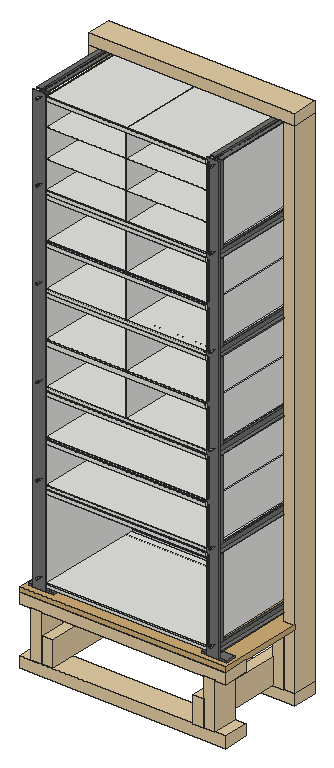
Revit family "Mailboxes_Aluminum-Data_Distribution_System-Salsbury_Industries-5_Unit_High_Wall_Installation", category Specialty Equipment, host Wall, Revit 2016 (continued)
Definition of nested family "Data Distribution Mailbox Units"
  Types (5): name | Void 2 Offset | Void 1 Offset | Visible | Top Inner Divider | Rear Overhang | Model | Horizontal Dividers 1 and 3 | Horizontal Dividers | Door Location D8 | Door Location D7 | Door Location D6 | Door Location D5 | Door Location D4 | Door Location D3 | Door Location D2 | Door Location D1 | Divider 3 | Description
    2402 | 0.000" | 0.000" | yes | no | yes | "2402" | no | yes | Data Distribution #1,2,3 Doors : #3 Door | Data Distribution #1,2,3 Doors : None | Data Distribution #1,2,3 Doors : #3 Door | Data Distribution #1,2,3 Doors : None | Data Distribution #1,2,3 Doors : None | Data Distribution #1,2,3 Doors : None | Data Distribution #1,2,3 Doors : None | Data Distribution #1,2,3 Doors : None | no | "Data Distribution System - (2) #3 Doors"
    None | 0.000" | 0.000" | no | no | no | "No Unit" | no | no | Data Distribution #1,2,3 Doors : #3 Door | Data Distribution #1,2,3 Doors : None | Data Distribution #1,2,3 Doors : #3 Door | Data Distribution #1,2,3 Doors : None | Data Distribution #1,2,3 Doors : None | Data Distribution #1,2,3 Doors : None | Data Distribution #1,2,3 Doors : None | Data Distribution #1,2,3 Doors : None | no | "Data Distribution System"
    2401 | 6.200" | 6.200" | yes | yes | yes | "2401" | no | no | Data Distribution #1,2,3 Doors : None | Data Distribution #1,2,3 Doors : None | Data Distribution #4 Door : #4 Door | Data Distribution #1,2,3 Doors : None | Data Distribution #1,2,3 Doors : None | Data Distribution #1,2,3 Doors : None | Data Distribution #1,2,3 Doors : None | Data Distribution #1,2,3 Doors : None | no | "Data Distribution System - (1) #4 Door"
    2406 | 6.200" | 6.200" | yes | no | yes | "2406" | yes | no | Data Distribution #1,2,3 Doors : None | Data Distribution #1,2,3 Doors : None | Data Distribution #1,2,3 Doors : #1 Door | Data Distribution #1,2,3 Doors : #1 Door | Data Distribution #1,2,3 Doors : #1 Door | Data Distribution #1,2,3 Doors : #1 Door | Data Distribution #1,2,3 Doors : #1 Door | Data Distribution #1,2,3 Doors : #1 Door | yes | "Data Distribution System - (6) #1 Doors"
  Reference planes (in)
    plane 1 "Center (Front/Back)": y = 0
    plane 2 "Bottom": z = 0
    plane 3 "Center (Left/Right)": x = 0
    plane 4 "Left": x = -11.625
    plane 5 "Right": x = 11.625
    plane 6 "Front": y = -7.75
    plane 7 "Back": y = 7.75
    plane 8 "Vertical Center": z = 6.094
    plane 9 "Top": z = 12.188
    plane 10: y = -7.625
    plane 11 "Door Align-Back of Door": y = -7.09375
    plane 12 "Back Edge of Top Trim": y = -6.21875
    plane 13 "Front Edge of Side Panels": y = -6.8125
    plane 14 "Back Edge of Side Panels": y = 7.625
    plane 15: y = -7.563
    plane 16: y = -7.063
    plane 17 "Back Edge of Bottom Trim": y = -6.1255
    plane 18: z = 0.125
    plane 19: z = 0.0625
    plane 20 "Bottom Trim Height": z = 0.25
    plane 21 "Top Trim Height": z = 11.8755
    plane 22: z = 12.03175
    plane 23: z = 12.063
    plane 24 "Right Side Trim Alignment-Top and Bottom Trim": x = 11.25
    plane 25 "Inner Right Side of Trim": x = 11.09375
    plane 26 "Right Wall of Enclsosure": x = 11.0625
    plane 27: y = -7.5
    plane 28: y = -7.375
    plane 29 "Back Edge of Side Trim": y = -6.3125
    plane 30 "Left Side Trim Alignment-Top and Bottom Trim": x = -11.25
    plane 31 "Trop Trim Extrusion Line": y = -7.53125
    plane 32 "Left Wall of Enclosure": x = -11.0935
    plane 33 "Top Inner Trim": z = 11.7505
    plane 34: z = -0.249
    plane 35: z = 0
    plane 36: x = -11.59375
    plane 37: x = 11.625
    plane 38 "Door Divider 3": x = 0.0005
    plane 39 "Void 1": z = 6.063
    plane 40 "Void 2 Offset": y = 13.825
    plane 41 "Bottom Compartment Section-Top Plate": z = 5.907
    plane 42 "Door Divider Offset Align": x = 11.09375
    plane 43 "Void 1 Offset": z = -0.137
    plane 44 "Void 2": y = 7.625
    plane 45 "Row 2 Divider": z = 6.188
    plane 46 "Vertical Center of Back Enclosure": z = 6.063
    plane 47 "Door Align - Row 3": z = 0.5
    plane 48 "Door Align - Row 2a": z = 6.438
    plane 49 "Vertical Door Align 6": x = 11.0625
    plane 50 "OffSet Divider Line": x = -11.0935
    plane 51 "Back of Doors": y = -7.2495
    plane 52 "Row 3 Divider": z = 4.188
    plane 53 "Door Align - Row 2": z = 4.438
    plane 54 "Row 1 Divider": z = 8.126
    plane 55 "Door Align - Row 1": z = 8.376
    plane 56: z = 11.84425
    plane 57: x = -0.03125
    plane 58: y = 7.5625
    plane 59: y = 6.6875
    plane 60: y = 6.625
    plane 61: z = 0.1875
    plane 62: z = 0.0625
    plane 63: z = 11.84425
    plane 64: z = 11.81325
    plane 65: z = 11.41742
    plane 66: z = 11.38642
    plane 67: y = 7.656
    plane 68: y = 7.719
    plane 69: y = 7.594
    plane 70: x = 11.406
    plane 71: x = -11.3745
    plane 72: z = 11.6255
    plane 73: x = -11.06225
    plane 74: z = 7.876
    plane 75: z = 5.68825
    plane 76: z = 5.93825
    plane 77: z = 6.12525
    plane 78: z = 3.938
    plane 79: y = 7.719
    plane 80: y = 7.656
    plane 81: z = 5.876
    plane 82: z = 5.469
    plane 83: z = 5.438
    plane 84: z = 11.84425
    plane 85: z = 0.28125
    plane 86: x = 0.031
    plane 87: z = 8.095
    plane 88: z = 4.157
    plane 89: z = 5.907
    plane 90: z = 6.219
    plane 91: z = 5.938
    plane 92: y = 6.625
    plane 93: x = 11.03125
  Forms (in)
    Extrusion 1, solid, material <- "Trim Material", visible <- "Visible"
      sketch origin (0, 0, 0) x (0, 1, 0) y (0, 0, 1)
        loop
          line (-7.75, 11.8755) -> (-6.21875, 11.8755) -> (-6.21875, 12.03175) -> (-7.09375, 12.03175) -> (-7.09375, 12.063) -> (-7.625, 12.063) -> (-7.625, 12.188) -> (-7.75, 12.188) -> (-7.75, 11.8755)
      from -11.25 to 11.25
    Extrusion 2, solid, material <- "Trim Material", visible <- "Visible"
      sketch origin (0, 0, 0) x (0, 1, 0) y (0, 0, 1)
        loop
          line (-6.1255, 0.25) -> (-7.75, 0.25) -> (-7.75, 0.125) -> (-7.563, 0.125) -> (-7.563, 0) -> (-7.063, 0) -> (-7.063, 0.0625) -> (-6.1255, 0.0625) -> (-6.1255, 0.25)
      from -11.625 to 11.625
    Extrusion 3, solid, material <- "Trim Material", visible <- "Visible"
      sketch origin (0, 0, 6.094) x (0, -1, 0) y (1, 0, 0)
        loop
          line (7.5, 11.625) -> (7.375, 11.625) -> (7.375, 11.25) -> (6.3125, 11.25) -> (6.3125, 11.09375) -> (7.75, 11.09375) -> (7.75, 11.25) -> (7.5, 11.25) -> (7.5, 11.625)
      from -5.844 to 5.7815
    Extrusion 4, void
      sketch origin (0, 0, 0) x (1, 0, 0) y (0, 1, 0)
        loop
          line (11.625, -7.75) -> (11.625, -7.5) -> (11.25, -7.5) -> (11.25, -7.75) -> (11.625, -7.75)
      from 0 to 0.25
    Extrusion 5, solid, material <- "Trim Material", visible <- "Visible"
      sketch origin (0, 0, 6.094) x (0, -1, 0) y (1, 0, 0)
        loop
          line (7.5, -11.625) -> (7.5, -11.25) -> (7.75, -11.25) -> (7.75, -11.0935) -> (6.3125, -11.0935) -> (6.3125, -11.25) -> (7.375, -11.25) -> (7.375, -11.625) -> (7.5, -11.625)
      from -5.844 to 5.7815
    Extrusion 6, void
      sketch origin (0, 0, 0) x (-1, 0, 0) y (0, -1, 0)
        loop
          line (11.625, 7.75) -> (11.25, 7.75) -> (11.25, 7.5) -> (11.625, 7.5) -> (11.625, 7.75)
      from 0 to 0.25
    Extrusion 7, void
      sketch origin (0, 0, 0) x (0, 1, 0) y (0, 0, 1)
        loop
          line (-7.75, 11.8755) -> (-7.53125, 11.8755) -> (-7.53125, 12.03175) -> (-7.75, 12.03175) -> (-7.75, 11.8755)
      from -11.0935 to 11.09375
    Sweep 8, solid, material <- "Back Enclosure Material", visible <- "Visible"
      path origin (0, 0, 0) x (1, 0, 0) y (0, 0, 1)
        loop
          line (-11.0935, 11.8755) -> (-11.0935, 0.25) -> (11.0625, 0.25) -> (11.0625, 11.8755) -> (-11.0935, 11.8755)
      profile origin (-0.0155, 0, 11.8755) x (0, 0, 1) y (0, -1, 0)
        loop
          line (0, 7.09375) -> (-0.03125, 7.09375) -> (-0.03125, -7.625) -> (0, -7.625) -> (0, 7.09375)
    Extrusion 9, solid, material <- "Back Enclosure Material", visible <- "Rear Overhang"
      sketch origin (0, 0, 0) x (0, 1, 0) y (0, 0, 1)
        loop
          line (7.625, 11.8755) -> (7.625, 11.84425) -> (7.719, 11.84425) -> (7.719, 11.41742) -> (7.656, 11.41742) -> (7.656, 11.81325) -> (7.625, 11.81325) -> (7.625, 11.38642) -> (7.75, 11.38642) -> (7.75, 11.8755) -> (7.625, 11.8755)
      from -11.0935 to 11.03125
    Extrusion 10, solid, material <- "Back Enclosure Material", visible <- "Visible"
      sketch origin (0, 0, 0) x (0, 1, 0) y (0, 0, 1)
        loop
          line (7.625, 0.25) -> (6.625, 0.25) -> (6.625, 0.0625) -> (6.6875, 0.0625) -> (6.6875, 0.1875) -> (7.5625, 0.1875) -> (7.5625, -0.249) -> (7.625, -0.249) -> (7.625, 0.25)
      from -11.59375 to 11.625
    Extrusion 11, void
      sketch origin (0, 0, -0.137) x (0, -1, 0) y (1, 0, 0)
        loop
          line (-7.625, -11.0935) -> (7.563, -11.0935) -> (7.563, 11.09375) -> (-7.625, 11.09375) -> (-7.625, -11.0935)
      from -0.125 to 0.125
    Extrusion 12, void
      sketch origin (0, 13.825, 0) x (0, 0, -1) y (1, 0, 0)
        loop
          line (-6.438, 11.406) -> (-6.438, 11.0625) -> (-5.907, 11.0625) -> (-5.907, 11.406) -> (-6.438, 11.406)
        loop
          line (-6.438, -11.0935) -> (-6.438, -11.375) -> (-5.907, -11.375) -> (-5.907, -11.0935) -> (-6.438, -11.0935)
      from 0 to 0.031
    Extrusion 13, solid, material <- "Back Enclosure Material", visible <- "Horizontal Dividers"
      sketch origin (0, 0, -5.8595) x (0, 1, 0) y (0, 0, 1)
        loop
          line (7.625, 11.79775) -> (7.625, 12.0475) -> (7.594, 12.0475) -> (7.594, 11.7665) -> (7.719, 11.7665) -> (7.719, 11.3285) -> (7.656, 11.3285) -> (7.656, 11.7355) -> (7.625, 11.7355) -> (7.625, 11.2975) -> (7.75, 11.2975) -> (7.75, 11.79775) -> (7.625, 11.79775)
      from -11.0935 to 11.03125
    Extrusion 14, solid, material <- "Back Enclosure Material", visible <- "Horizontal Dividers"
      sketch origin (0, 0, 5.907) x (1, 0, 0) y (0, 1, 0)
        loop
          line (-11.06225, 7.625) -> (-11.06225, -7.09375) -> (11.09375, -7.09375) -> (11.09375, 7.625) -> (-11.06225, 7.625)
      from 0 to 0.031
    Extrusion 15, solid, material <- "Back Enclosure Material", visible <- "Horizontal Dividers"
      sketch origin (0, 0, 6.219) x (1, 0, 0) y (0, 1, 0)
        loop
          line (-11.06225, 7.625) -> (-11.06225, -7.09375) -> (11.03125, -7.09375) -> (11.03125, 7.625) -> (-11.06225, 7.625)
      from 0 to -0.031
    Extrusion 16, solid, material <- "Trim Material", visible <- "Horizontal Dividers"
      sketch origin (0, 0, 0) x (0, 1, 0) y (0, 0, 1)
        loop
          line (-6.3125, 5.93825) -> (-6.3125, 6.188) -> (-7.75, 6.188) -> (-7.75, 6.12525) -> (-7.53125, 6.12525) -> (-7.53125, 5.93825) -> (-6.3125, 5.93825)
      from -11.0935 to 11.09375
    Extrusion 17, solid, material <- "Back Enclosure Material", visible <- "Divider 3"
      sketch origin (0.0005, 0, 0) x (0, 0, -1) y (0, -1, 0)
        loop
          line (-11.84425, 7.09375) -> (-11.84425, -7.625) -> (-0.28125, -7.625) -> (-0.28125, 7.09375) -> (-11.84425, 7.09375)
      from 0.03175 to -0.0305
    Extrusion 18, solid, material <- "Back Enclosure Material", visible <- "Visible"
      sketch origin (11.09375, 0, 0) x (0, -1, 0) y (0, 0, 1)
        loop
          line (-7.594, 11.8755) -> (-7.625, 11.8755) -> (-7.625, 0.25) -> (-7.594, 0.25) -> (-7.594, 11.8755)
      from -0.31225 to 0.03125
    Extrusion 19, solid, visible <- "Visible"
      sketch origin (-11.0935, 0, 0) x (0, 0, -1) y (0, -1, 0)
        loop
          line (-11.8755, -7.594) -> (-11.8755, -7.625) -> (-0.25, -7.625) -> (-0.25, -7.594) -> (-11.8755, -7.594)
      from 0.281 to 0
    Extrusion 20, solid, material <- "Front Panel Material", visible <- "Visible"
      sketch origin (0, 0, 0.25) x (0, -1, 0) y (1, 0, 0)
        loop
          line (7.09375, -11.0935) -> (7.75, -11.0935) -> (7.75, 11.09375) -> (7.09375, 11.09375) -> (7.09375, -11.0935)
      from 0 to 0.25
    Extrusion 21, solid, material <- "Front Panel Material", visible <- "Horizontal Dividers"
      sketch origin (0, 0, 6.188) x (0, -1, 0) y (1, 0, 0)
        loop
          line (7.09375, -11.0935) -> (7.75, -11.0935) -> (7.75, 11.09375) -> (7.09375, 11.09375) -> (7.09375, -11.0935)
      from 0 to 0.25
    Extrusion 22, solid, material <- "Front Panel Material", visible <- "Visible"
      sketch origin (0, -7.09375, 0.03125) x (0, 0, -1) y (1, 0, 0)
        loop
          line (-11.84425, -11.06225) -> (-11.59425, -11.06225) -> (-11.59425, 11.0625) -> (-11.84425, 11.0625) -> (-11.84425, -11.06225)
      from 0 to 0.15575
    Extrusion 23, solid, material <- "Front Panel Material", visible <- "Horizontal Dividers"
      sketch origin (0, -7.09375, -5.906) x (0, 0, -1) y (1, 0, 0)
        loop
          line (-11.84425, -11.06225) -> (-11.59425, -11.06225) -> (-11.59425, 11.0625) -> (-11.84425, 11.0625) -> (-11.84425, -11.06225)
      from 0 to 0.15575
    Extrusion 24, solid, material <- "Front Panel Material", visible <- "Top Inner Divider"
      sketch origin (0, 0, 11.7505) x (1, 0, 0) y (0, 1, 0)
        loop
          line (-11.0935, -7.09375) -> (-11.0935, -7.75) -> (11.09375, -7.75) -> (11.09375, -7.09375) -> (-11.0935, -7.09375)
      from 0.28125 to 0.125
    Extrusion 25, solid, material <- "Front Panel Material", visible <- "Horizontal Dividers 1 and 3"
      sketch origin (0, 0, 4.188) x (0, -1, 0) y (1, 0, 0)
        loop
          line (7.09375, -11.0935) -> (7.75, -11.0935) -> (7.75, 11.09375) -> (7.09375, 11.09375) -> (7.09375, -11.0935)
      from 0.25 to 0
    Extrusion 26, solid, material <- "Front Panel Material", visible <- "Horizontal Dividers 1 and 3"
      sketch origin (0, -7.09375, -7.65625) x (0, 0, -1) y (1, 0, 0)
        loop
          line (-11.84425, -11.06225) -> (-11.59425, -11.06225) -> (-11.59425, 11.0625) -> (-11.84425, 11.0625) -> (-11.84425, -11.06225)
      from 0 to 0.15575
    Extrusion 27, solid, material <- "Front Panel Material", visible <- "Horizontal Dividers 1 and 3"
      sketch origin (0, -7.09375, -3.71825) x (0, 0, -1) y (1, 0, 0)
        loop
          line (-11.84425, -11.06225) -> (-11.59425, -11.06225) -> (-11.59425, 11.0625) -> (-11.84425, 11.0625) -> (-11.84425, -11.06225)
      from 0 to 0.15575
    Extrusion 28, solid, material <- "Front Panel Material", visible <- "Horizontal Dividers 1 and 3"
      sketch origin (0, 0, 8.126) x (0, -1, 0) y (1, 0, 0)
        loop
          line (7.09375, -11.0935) -> (7.75, -11.0935) -> (7.75, 11.09375) -> (7.09375, 11.09375) -> (7.09375, -11.0935)
      from 0.25 to 0
    Extrusion 29, solid, material <- "Back Enclosure Material", visible <- "Horizontal Dividers 1 and 3"
      sketch origin (0, 0, 8.126) x (0, -1, 0) y (1, 0, 0)
        loop
          line (-7.625, -11.06225) -> (7.09375, -11.06225) -> (7.09375, 11.03125) -> (-7.625, 11.03125) -> (-7.625, -11.06225)
      from 0 to -0.031
    Extrusion 30, solid, material <- "Back Enclosure Material", visible <- "Horizontal Dividers 1 and 3"
      sketch origin (0, 0, 4.188) x (0, -1, 0) y (1, 0, 0)
        loop
          line (-7.625, -11.06225) -> (7.09375, -11.06225) -> (7.09375, 11.03125) -> (-7.625, 11.03125) -> (-7.625, -11.06225)
      from 0 to -0.031
  Cuts and joins
    Extrusion 4, Extrusion 7 cuts Extrusion 1
    Extrusion 4, Extrusion 6 cuts Extrusion 2
    Extrusion 4, Extrusion 7 cuts Extrusion 3
    Extrusion 11, Extrusion 12 cuts Sweep 8
    Extrusion 11 cuts Extrusion 17
    Extrusion 12 cuts Extrusion 18
    Extrusion 12 cuts Extrusion 19
  Lines and regions (in)
    symbolic lines
      curve 1: line (-11.25, -7.2495, 12.188) -> (11.25, -7.2495, 12.188)
      curve 2: line (-11.25, -7.2495, 11.8755) -> (-11.25, -7.2495, 12.188)
      curve 3: line (11.25, -7.2495, 11.8755) -> (-11.25, -7.2495, 11.8755)
      curve 4: line (11.25, -7.2495, 12.188) -> (11.25, -7.2495, 11.8755)
      curve 5: line (-11.625, -7.2495, 11.8755) -> (-11.25, -7.2495, 11.8755)
      curve 6: line (-11.625, -7.2495, 0) -> (-11.625, -7.2495, 11.8755)
      curve 7: line (-11.0935, -7.2495, 0) -> (-11.625, -7.2495, 0)
      curve 8: line (-11.0935, -7.2495, 11.8755) -> (-11.0935, -7.2495, 0)
      curve 9: line (11.25, -7.2495, 11.8755) -> (11.625, -7.2495, 11.8755)
      curve 10: line (11.09375, -7.2495, 0.25) -> (11.09375, -7.2495, 11.8755)
      curve 11: line (11.625, -7.2495, 0.25) -> (11.09375, -7.2495, 0.25)
      curve 12: line (11.625, -7.2495, 11.8755) -> (11.625, -7.2495, 0.25)
      curve 13: line (-11.0935, -7.2495, 0.25) -> (11.09375, -7.2495, 0.25)
      curve 14: line (-11.625, -7.2495, 0) -> (-11.625, -7.2495, 0.25)
      curve 15: line (11.625, -7.2495, 0) -> (-11.625, -7.2495, 0)
      curve 16: line (11.625, -7.2495, 0.25) -> (11.625, -7.2495, 0)
      curve 17: line (-11.0935, 7.75, 0.25) -> (11.09375, 7.75, 0.25)
      curve 18: line (-11.0935, -6.21875, 0.25) -> (-11.0935, 7.75, 0.25)
      curve 19: line (11.09375, 7.75, 0.25) -> (11.09375, -6.21875, 0.25)
      curve 20: line (-11.25, -6.21875, 0.25) -> (11.25, -6.21875, 0.25)
      curve 21: line (-11.25, -7.75, 0.25) -> (-11.25, -6.21875, 0.25)
      curve 22: line (11.25, -7.75, 0.25) -> (-11.25, -7.75, 0.25)
      curve 23: line (11.25, -6.21875, 0.25) -> (11.25, -7.75, 0.25)
      curve 24: line (11.09375, 7.625, 0.25) -> (11.625, 7.625, 0.25)
      curve 25: line (11.625, 6.625, 0.25) -> (11.09375, 6.625, 0.25)
      curve 26: line (11.625, 7.625, 0.25) -> (11.625, 6.625, 0.25)
      curve 27: line (-11.59375, 7.625, 0.25) -> (-11.0935, 7.625, 0.25)
      curve 28: line (-11.59375, 6.625, 0.25) -> (-11.59375, 7.625, 0.25)
      curve 29: line (-11.0935, 6.625, 0.25) -> (-11.59375, 6.625, 0.25)
      curve 30: line (11.09375, -6.1255, 0.25) -> (11.625, -6.1255, 0.25)
      curve 31: line (11.625, -7.5, 0.25) -> (11.25, -7.5, 0.25)
      curve 32: line (11.625, -6.1255, 0.25) -> (11.625, -7.5, 0.25)
      curve 33: line (-11.625, -6.1255, 0.25) -> (-11.0935, -6.1255, 0.25)
      curve 34: line (-11.625, -7.5, 0.25) -> (-11.625, -6.1255, 0.25)
      curve 35: line (-11.25, -7.5, 0.25) -> (-11.625, -7.5, 0.25)
      curve 36: line (0.0005, -6.21875, 11.8755) -> (0.0005, 7.625, 11.8755)
      curve 37: line (0.0005, -6.21875, 0.25) -> (0.0005, -6.21875, 11.8755)
      curve 38: line (0.0005, 7.625, 0.25) -> (0.0005, -6.21875, 0.25)
      curve 39: line (0.0005, 7.625, 11.8755) -> (0.0005, 7.625, 0.25)
      curve 40: line (0.0005, -7.75, 12.188) -> (0.0005, -7.75, 0.125)
      curve 41: line (0.0005, -7.75, 12.188) -> (0.0005, -7.625, 12.188)
      curve 42: line (0.0005, -7.625, 12.188) -> (0.0005, -7.625, 12.063)
      curve 43: line (0.0005, -7.625, 12.063) -> (0.0005, -7.09375, 12.063)
      curve 44: line (0.0005, -7.09375, 12.063) -> (0.0005, -7.09375, 12.03175)
      curve 45: line (0.0005, -7.09375, 12.03175) -> (0.0005, -6.21875, 12.03175)
      curve 46: line (0.0005, -6.21875, 12.03175) -> (0.0005, -6.21875, 11.8755)
      curve 47: line (0.0005, -7.75, 0.125) -> (0.0005, -7.563, 0.125)
      curve 48: line (0.0005, -7.563, 0.125) -> (0.0005, -7.563, 0)
      curve 49: line (0.0005, -7.563, 0) -> (0.0005, -7.063, 0)
      curve 50: line (0.0005, -7.063, 0) -> (0.0005, -7.063, 0.0625)
      curve 51: line (0.0005, -7.063, 0.0625) -> (0.0005, -6.1255, 0.0625)
      curve 52: line (0.0005, -6.1255, 0.0625) -> (0.0005, -6.1255, 0.25)
  Dimensions and locks (in)
    plane 6 "Front" to plane 1 "Center (Front/Back)" to plane 7 "Back" = 7.750", 7.750"
    "Depth": plane 6 "Front" to plane 7 "Back"
    equal spacing: plane 4 "Left", plane 3 "Center (Left/Right)", plane 5 "Right"
    "Width": plane 4 "Left" to plane 5 "Right"
    equal spacing: plane 9 "Top", plane 8 "Vertical Center", plane 2 "Bottom"
    "Height": plane 9 "Top" to plane 2 "Bottom"
    plane 6 "Front" to plane 10 to plane 11 "Door Align-Back of Door" to plane 12 "Back Edge of Top Trim" = 0.125", 0.53125", 0.875"
    plane 14 "Back Edge of Side Panels" to plane 7 "Back" = 0.125"
    plane 6 "Front" to plane 13 "Front Edge of Side Panels" = 0.9375"
    plane 6 "Front" to plane 15 to plane 16 to plane 17 "Back Edge of Bottom Trim" = 0.187", 0.500", 0.9375"
    plane 18 to plane 2 "Bottom" = 0.125"
    plane 19 to plane 2 "Bottom" = 0.0625"
    plane 20 "Bottom Trim Height" to plane 2 "Bottom" = 0.250"
    plane 9 "Top" to plane 21 "Top Trim Height" = 0.3125"
    plane 22 to plane 9 "Top" = 0.15625"
    plane 23 to plane 9 "Top" = 0.125"
    plane 25 "Inner Right Side of Trim" to plane 24 "Right Side Trim Alignment-Top and Bottom Trim" to plane 5 "Right" = 0.15625", 0.375"
    plane 6 "Front" to plane 27 to plane 28 = 0.250", 0.125"
    plane 6 "Front" to plane 29 "Back Edge of Side Trim" = 1.4375"
    plane 4 "Left" to plane 30 "Left Side Trim Alignment-Top and Bottom Trim" = 0.375"
    Extrusion 3 to plane 5 "Right" = 0.375"
    plane 6 "Front" to plane 31 "Trop Trim Extrusion Line" = 0.21875"
    plane 33 "Top Inner Trim" to plane 21 "Top Trim Height" = 0.125"
    plane 34 to plane 35 to plane 20 "Bottom Trim Height" = 0.249", 0.250"
    plane 8 "Vertical Center" to plane 39 "Void 1" = 0.031"
    "Void 2 Offset": plane 14 "Back Edge of Side Panels" to plane 40 "Void 2 Offset"
    plane 32 "Left Wall of Enclosure" to plane 38 "Door Divider 3" = 11.094"
    plane 32 "Left Wall of Enclosure" to plane 26 "Right Wall of Enclsosure" = 22.156"
    "Void 1 Offset": plane 43 "Void 1 Offset" to plane 39 "Void 1"
    plane 45 "Row 2 Divider" to plane 8 "Vertical Center" = 0.094"
    plane 41 "Bottom Compartment Section-Top Plate" to plane 8 "Vertical Center" to plane 45 "Row 2 Divider" = 0.187", 0.094"
    plane 53 "Door Align - Row 2" to plane 52 "Row 3 Divider" = 0.250"
    plane 55 "Door Align - Row 1" to plane 54 "Row 1 Divider" to plane 87 = 0.250", 0.031"
    plane 56 to plane 21 "Top Trim Height" = 0.03125"
    plane 86 to plane 3 "Center (Left/Right)" to plane 57 = 0.031", 0.03125" locked
    plane 60 to plane 59 to plane 58 to plane 14 "Back Edge of Side Panels" = 0.0625", 0.875", 0.0625"
    plane 34 to plane 62 to plane 61 = 0.3115", 0.125"
    plane 66 to plane 65 to plane 64 to plane 63 to plane 21 "Top Trim Height" = 0.031", 0.39583", 0.031", 0.03125"
    plane 14 "Back Edge of Side Panels" to plane 67 to plane 68 to plane 7 "Back" = 0.031", 0.063", 0.031"
    plane 69 to plane 14 "Back Edge of Side Panels" = 0.031"
    plane 21 "Top Trim Height" to plane 72 = 0.250"
    plane 54 "Row 1 Divider" to plane 74 = 0.250"
    plane 46 "Vertical Center of Back Enclosure" to plane 76 to plane 75 = 0.12475", 0.250"
    plane 45 "Row 2 Divider" to plane 77 = 0.06275"
    plane 52 "Row 3 Divider" to plane 78 = 0.250"
    plane 44 "Void 2" to plane 80 to plane 79 to plane 7 "Back" = 0.031", 0.063", 0.031"
    plane 83 to plane 82 to plane 81 to plane 41 "Bottom Compartment Section-Top Plate" = 0.031", 0.407", 0.031"
    plane 84 to plane 21 "Top Trim Height" = 0.03125"
    plane 20 "Bottom Trim Height" to plane 85 = 0.03125"
    plane 76 to plane 41 "Bottom Compartment Section-Top Plate" = 0.03125"
    plane 90 to plane 45 "Row 2 Divider" = 0.031"
    plane 91 to plane 89 = 0.031"
    plane 92 to plane 7 "Back" = 1.125"
    plane 32 "Left Wall of Enclosure" to plane 73 = 0.03125"
    plane 93 to plane 26 "Right Wall of Enclsosure" = 0.03125"
    aligned and locked: plane 2 "Bottom" to level
    aligned and locked: Extrusion 16 to plane 25 "Inner Right Side of Trim"
    aligned and locked: plane 32 "Left Wall of Enclosure" to Extrusion 13
    aligned and locked: plane 32 "Left Wall of Enclosure" to Extrusion 9
    aligned and locked: nested 3 to plane 47 "Door Align - Row 3"
    aligned and locked: nested 2 to plane 47 "Door Align - Row 3"
    aligned and locked: nested 5 to plane 48 "Door Align - Row 2a"
    aligned and locked: nested 6 to plane 48 "Door Align - Row 2a"
    aligned and locked: nested 9 to plane 48 "Door Align - Row 2a"
    aligned and locked: Extrusion 5 to plane 50 "OffSet Divider Line"
    aligned and locked: Extrusion 10 to plane 19
    aligned and locked: plane 50 "OffSet Divider Line" to Extrusion 16
    aligned and locked: plane 51 "Back of Doors" to Extrusion 22
    aligned and locked: plane 51 "Back of Doors" to nested 3
    aligned and locked: nested 3 to plane 26 "Right Wall of Enclsosure"
    aligned and locked: nested 7 to plane 26 "Right Wall of Enclsosure"
    aligned and locked: plane 51 "Back of Doors" to nested 6
    aligned and locked: plane 51 "Back of Doors" to nested 2
    aligned and locked: plane 51 "Back of Doors" to nested 9
    aligned and locked: nested 8 to plane 53 "Door Align - Row 2"
    aligned and locked: nested 7 to plane 53 "Door Align - Row 2"
    aligned and locked: plane 51 "Back of Doors" to nested 8
    aligned and locked: plane 51 "Back of Doors" to nested 7
    aligned and locked: nested 4 to plane 26 "Right Wall of Enclsosure"
    aligned and locked: nested 4 to plane 55 "Door Align - Row 1"
    aligned and locked: nested 1 to plane 55 "Door Align - Row 1"
    aligned and locked: plane 51 "Back of Doors" to nested 4
    aligned and locked: plane 51 "Back of Doors" to nested 1
    aligned and locked: plane 26 "Right Wall of Enclsosure" to nested 9
    aligned and locked: plane 21 "Top Trim Height" to Sweep 8 sketch curve  (x2)
    aligned and locked: Sweep 8 sketch curve to plane 20 "Bottom Trim Height"
    aligned and locked: Sweep 8 sketch curve to plane 32 "Left Wall of Enclosure"
    aligned and locked: Sweep 8 sketch curve to plane 11 "Door Align-Back of Door"
    aligned and locked: plane 14 "Back Edge of Side Panels" to Sweep 8 sketch curve
    aligned and locked: plane 56 to Sweep 8 sketch curve
    aligned and locked: Extrusion 1 sketch curve to plane 21 "Top Trim Height"
    aligned and locked: plane 12 "Back Edge of Top Trim" to Extrusion 1 sketch curve
    aligned and locked: plane 22 to Extrusion 1 sketch curve
    aligned and locked: plane 11 "Door Align-Back of Door" to Extrusion 1 sketch curve
    aligned and locked: plane 23 to Extrusion 1 sketch curve
    aligned and locked: plane 10 to Extrusion 1 sketch curve
    aligned and locked: Extrusion 1 sketch curve to plane 9 "Top"
    aligned and locked: Extrusion 1 sketch curve to plane 6 "Front"
    aligned and locked: cut or joined group of Extrusion 1, Extrusion 4, Extrusion 7 to plane 24 "Right Side Trim Alignment-Top and Bottom Trim"
    aligned and locked: plane 30 "Left Side Trim Alignment-Top and Bottom Trim" to cut or joined group of Extrusion 1, Extrusion 4, Extrusion 7
    aligned and locked: Extrusion 3 sketch curve to plane 25 "Inner Right Side of Trim"
    aligned and locked: plane 6 "Front" to Extrusion 3 sketch curve
    aligned and locked: plane 24 "Right Side Trim Alignment-Top and Bottom Trim" to Extrusion 3 sketch curve  (x2)
    aligned and locked: Extrusion 3 sketch curve to plane 27
    aligned and locked: Extrusion 3 sketch curve to plane 5 "Right"
    aligned and locked: Extrusion 3 sketch curve to plane 28
    aligned and locked: plane 29 "Back Edge of Side Trim" to Extrusion 3 sketch curve
    aligned and locked: cut or joined group of Extrusion 3, Extrusion 4, Extrusion 7 to plane 21 "Top Trim Height"
    aligned and locked: plane 20 "Bottom Trim Height" to cut or joined group of Extrusion 3, Extrusion 4, Extrusion 7
    aligned and locked: Extrusion 5 sketch curve to plane 32 "Left Wall of Enclosure"
    aligned and locked: plane 29 "Back Edge of Side Trim" to Extrusion 5 sketch curve
    aligned and locked: plane 30 "Left Side Trim Alignment-Top and Bottom Trim" to Extrusion 5 sketch curve  (x2)
    aligned and locked: Extrusion 5 sketch curve to plane 28
    aligned and locked: Extrusion 5 sketch curve to plane 4 "Left"
    aligned and locked: plane 27 to Extrusion 5 sketch curve
    aligned and locked: Extrusion 5 sketch curve to plane 6 "Front"
    aligned and locked: plane 20 "Bottom Trim Height" to Extrusion 5
    aligned and locked: Extrusion 5 to plane 21 "Top Trim Height"
    aligned and locked: Extrusion 2 sketch curve to plane 20 "Bottom Trim Height"
    aligned and locked: Extrusion 2 sketch curve to plane 6 "Front"
    aligned and locked: plane 18 to Extrusion 2 sketch curve
    aligned and locked: Extrusion 2 sketch curve to plane 15
    aligned and locked: Extrusion 2 sketch curve to plane 2 "Bottom"
    aligned and locked: Extrusion 2 sketch curve to plane 16
    aligned and locked: Extrusion 2 sketch curve to plane 19
    aligned and locked: Extrusion 2 sketch curve to plane 17 "Back Edge of Bottom Trim"
    aligned and locked: plane 4 "Left" to cut or joined group of Extrusion 2, Extrusion 4, Extrusion 6
    aligned and locked: cut or joined group of Extrusion 2, Extrusion 4, Extrusion 6 to plane 5 "Right"
    aligned and locked: plane 57 to nested 1
    aligned and locked: plane 57 to nested 8
    aligned and locked: plane 58 to Extrusion 10 sketch curve
    aligned and locked: Extrusion 10 sketch curve to plane 34
    aligned and locked: plane 14 "Back Edge of Side Panels" to Extrusion 10 sketch curve
    aligned and locked: Extrusion 10 sketch curve to plane 20 "Bottom Trim Height"
    aligned and locked: plane 60 to Extrusion 10 sketch curve
    aligned and locked: plane 59 to Extrusion 10 sketch curve
    aligned and locked: plane 61 to Extrusion 10 sketch curve
    aligned and locked: plane 62 to Extrusion 10 sketch curve
    aligned and locked: Extrusion 10 to plane 5 "Right"
    aligned and locked: Extrusion 10 to plane 36
    aligned and locked: plane 66 to Extrusion 9 sketch curve
    aligned and locked: plane 65 to Extrusion 9 sketch curve
    aligned and locked: plane 64 to Extrusion 9 sketch curve
    aligned and locked: plane 63 to Extrusion 9 sketch curve
    aligned and locked: plane 67 to Extrusion 9 sketch curve
    aligned and locked: plane 14 "Back Edge of Side Panels" to Extrusion 9 sketch curve
    aligned and locked: plane 68 to Extrusion 9 sketch curve
    aligned and locked: plane 21 "Top Trim Height" to Extrusion 9 sketch curve
    aligned and locked: plane 7 "Back" to Extrusion 9 sketch curve
    aligned and locked: Extrusion 18 sketch curve to plane 20 "Bottom Trim Height"
    aligned and locked: plane 14 "Back Edge of Side Panels" to Extrusion 18 sketch curve
    aligned and locked: Extrusion 18 sketch curve to plane 69
    aligned and locked: plane 21 "Top Trim Height" to Extrusion 18 sketch curve
    aligned and locked: plane 70 to cut or joined group of Extrusion 12, Extrusion 18
    aligned and locked: plane 21 "Top Trim Height" to Extrusion 19 sketch curve
    aligned and locked: plane 14 "Back Edge of Side Panels" to Extrusion 19 sketch curve
    aligned and locked: Extrusion 19 sketch curve to plane 69
    aligned and locked: Extrusion 19 sketch curve to plane 20 "Bottom Trim Height"
    aligned and locked: cut or joined group of Extrusion 12, Extrusion 19 to plane 32 "Left Wall of Enclosure"
    aligned and locked: plane 71 to cut or joined group of Extrusion 12, Extrusion 19
    aligned and locked: Extrusion 24 sketch curve to plane 6 "Front"
    aligned and locked: plane 11 "Door Align-Back of Door" to Extrusion 24 sketch curve
    aligned and locked: Extrusion 24 sketch curve to plane 32 "Left Wall of Enclosure"
    aligned and locked: plane 25 "Inner Right Side of Trim" to Extrusion 24 sketch curve
    aligned and locked: plane 72 to Extrusion 22 sketch curve
    aligned and locked: Extrusion 22 to plane 11 "Door Align-Back of Door"
    aligned and locked: plane 11 "Door Align-Back of Door" to Extrusion 28 sketch curve
    aligned and locked: Extrusion 28 sketch curve to plane 32 "Left Wall of Enclosure"
    aligned and locked: Extrusion 28 sketch curve to plane 6 "Front"
    aligned and locked: plane 25 "Inner Right Side of Trim" to Extrusion 28 sketch curve
    aligned and locked: Extrusion 22 to plane 26 "Right Wall of Enclsosure"
    aligned and locked: plane 73 to Extrusion 22 sketch curve
    aligned and locked: plane 21 "Top Trim Height" to Extrusion 22 sketch curve
    aligned and locked: plane 26 "Right Wall of Enclsosure" to Extrusion 22 sketch curve
    aligned and locked: plane 73 to Extrusion 27 sketch curve
    aligned and locked: plane 54 "Row 1 Divider" to Extrusion 27 sketch curve
    aligned and locked: plane 26 "Right Wall of Enclsosure" to Extrusion 27 sketch curve
    aligned and locked: plane 74 to Extrusion 27 sketch curve
    aligned and locked: plane 51 "Back of Doors" to Extrusion 27
    aligned and locked: Extrusion 27 to plane 11 "Door Align-Back of Door"
    aligned and locked: plane 11 "Door Align-Back of Door" to Extrusion 21 sketch curve
    aligned and locked: Extrusion 21 sketch curve to plane 6 "Front"
    aligned and locked: Extrusion 21 sketch curve to plane 32 "Left Wall of Enclosure"
    aligned and locked: plane 25 "Inner Right Side of Trim" to Extrusion 21 sketch curve
    aligned and locked: Extrusion 21 to plane 48 "Door Align - Row 2a"
    aligned and locked: plane 45 "Row 2 Divider" to Extrusion 21
    aligned and locked: Extrusion 23 sketch curve to plane 76
    aligned and locked: Extrusion 23 sketch curve to plane 75
    aligned and locked: plane 26 "Right Wall of Enclsosure" to Extrusion 23 sketch curve
    aligned and locked: plane 73 to Extrusion 23 sketch curve
    aligned and locked: plane 76 to Extrusion 16 sketch curve
    aligned and locked: Extrusion 16 sketch curve to plane 29 "Back Edge of Side Trim"
    aligned and locked: Extrusion 16 sketch curve to plane 45 "Row 2 Divider"
    aligned and locked: plane 6 "Front" to Extrusion 16 sketch curve
    aligned and locked: plane 31 "Trop Trim Extrusion Line" to Extrusion 16 sketch curve
    aligned and locked: plane 77 to Extrusion 16 sketch curve
    aligned and locked: Extrusion 23 to plane 11 "Door Align-Back of Door"
    aligned and locked: plane 51 "Back of Doors" to Extrusion 23
    aligned and locked: plane 11 "Door Align-Back of Door" to Extrusion 25 sketch curve
    aligned and locked: Extrusion 25 sketch curve to plane 32 "Left Wall of Enclosure"
    aligned and locked: Extrusion 25 sketch curve to plane 6 "Front"
    aligned and locked: plane 25 "Inner Right Side of Trim" to Extrusion 25 sketch curve
    aligned and locked: Extrusion 25 to plane 53 "Door Align - Row 2"
    aligned and locked: plane 52 "Row 3 Divider" to Extrusion 25
    aligned and locked: plane 52 "Row 3 Divider" to Extrusion 26 sketch curve
    aligned and locked: plane 73 to Extrusion 26 sketch curve
    aligned and locked: plane 26 "Right Wall of Enclsosure" to Extrusion 26 sketch curve
    aligned and locked: plane 78 to Extrusion 26 sketch curve
    aligned and locked: Extrusion 26 to plane 11 "Door Align-Back of Door"
    aligned and locked: plane 51 "Back of Doors" to Extrusion 26
    aligned and locked: plane 11 "Door Align-Back of Door" to Extrusion 20 sketch curve
    aligned and locked: Extrusion 20 sketch curve to plane 6 "Front"
    aligned and locked: Extrusion 20 sketch curve to plane 32 "Left Wall of Enclosure"
    aligned and locked: plane 25 "Inner Right Side of Trim" to Extrusion 20 sketch curve
    aligned and locked: plane 20 "Bottom Trim Height" to Extrusion 20
    aligned and locked: Extrusion 20 to plane 47 "Door Align - Row 3"
    aligned and locked: Extrusion 13 sketch curve to plane 80
    aligned and locked: plane 79 to Extrusion 13 sketch curve
    aligned and locked: plane 7 "Back" to Extrusion 13 sketch curve
    aligned and locked: plane 69 to Extrusion 13 sketch curve
    aligned and locked: Extrusion 13 sketch curve to plane 14 "Back Edge of Side Panels"
    aligned and locked: plane 14 "Back Edge of Side Panels" to Extrusion 13 sketch curve
    aligned and locked: Extrusion 13 sketch curve to plane 45 "Row 2 Divider"
    aligned and locked: plane 76 to Extrusion 13 sketch curve
    aligned and locked: Extrusion 13 sketch curve to plane 41 "Bottom Compartment Section-Top Plate"
    aligned and locked: plane 81 to Extrusion 13 sketch curve
    aligned and locked: plane 82 to Extrusion 13 sketch curve
    aligned and locked: plane 83 to Extrusion 13 sketch curve
    aligned and locked: Extrusion 17 sketch curve to plane 84
    aligned and locked: plane 14 "Back Edge of Side Panels" to Extrusion 17 sketch curve
    aligned and locked: plane 85 to Extrusion 17 sketch curve
    aligned and locked: Extrusion 17 sketch curve to plane 11 "Door Align-Back of Door"
    aligned and locked: plane 57 to cut or joined group of Extrusion 11, Extrusion 17
    aligned and locked: cut or joined group of Extrusion 11, Extrusion 17 to plane 86
    aligned and locked: plane 14 "Back Edge of Side Panels" to Extrusion 29 sketch curve
    aligned and locked: plane 73 to Extrusion 29 sketch curve
    aligned and locked: Extrusion 29 sketch curve to plane 11 "Door Align-Back of Door"
    aligned and locked: Extrusion 29 to plane 54 "Row 1 Divider"
    aligned and locked: Extrusion 29 to plane 87
    aligned and locked: plane 73 to Extrusion 15 sketch curve
    aligned and locked: plane 14 "Back Edge of Side Panels" to Extrusion 15 sketch curve
    aligned and locked: Extrusion 15 sketch curve to plane 11 "Door Align-Back of Door"
    aligned and locked: plane 45 "Row 2 Divider" to Extrusion 15
    aligned and locked: Extrusion 15 to plane 90
    aligned and locked: plane 14 "Back Edge of Side Panels" to Extrusion 14 sketch curve
    aligned and locked: plane 73 to Extrusion 14 sketch curve
    aligned and locked: plane 25 "Inner Right Side of Trim" to Extrusion 14 sketch curve
    aligned and locked: Extrusion 14 sketch curve to plane 11 "Door Align-Back of Door"
    aligned and locked: Extrusion 14 to plane 91
    aligned and locked: Extrusion 14 to plane 89
    aligned and locked: Extrusion 30 sketch curve to plane 11 "Door Align-Back of Door"
    aligned and locked: plane 73 to Extrusion 30 sketch curve
    aligned and locked: plane 14 "Back Edge of Side Panels" to Extrusion 30 sketch curve
    aligned and locked: Extrusion 30 to plane 52 "Row 3 Divider"
    aligned and locked: Extrusion 30 to plane 88
    aligned and locked: nested 6 to plane 73
    aligned and locked: nested 2 to plane 73
    aligned and locked: plane 24 "Right Side Trim Alignment-Top and Bottom Trim" to curve 4
    aligned and locked: plane 9 "Top" to curve 1
    aligned and locked: curve 3 to plane 21 "Top Trim Height"
    aligned and locked: plane 32 "Left Wall of Enclosure" to curve 8
    aligned and locked: plane 2 "Bottom" to curve 7
    aligned and locked: curve 6 to plane 4 "Left"
    aligned and locked: plane 30 "Left Side Trim Alignment-Top and Bottom Trim" to curve 5
    aligned and locked: plane 21 "Top Trim Height" to curve 5
    aligned and locked: curve 11 to plane 20 "Bottom Trim Height"
    aligned and locked: curve 10 to plane 25 "Inner Right Side of Trim"
    aligned and locked: plane 5 "Right" to curve 12
    aligned and locked: plane 21 "Top Trim Height" to curve 10
    aligned and locked: plane 24 "Right Side Trim Alignment-Top and Bottom Trim" to curve 9
    aligned and locked: plane 2 "Bottom" to curve 15
    aligned and locked: plane 20 "Bottom Trim Height" to curve 13
    aligned and locked: plane 5 "Right" to curve 16
    aligned and locked: plane 32 "Left Wall of Enclosure" to curve 13
    aligned and locked: plane 7 "Back" to curve 17
    aligned and locked: curve 18 to plane 32 "Left Wall of Enclosure"
    aligned and locked: plane 25 "Inner Right Side of Trim" to curve 19
    aligned and locked: plane 12 "Back Edge of Top Trim" to curve 20
    aligned and locked: curve 21 to plane 30 "Left Side Trim Alignment-Top and Bottom Trim"
    aligned and locked: curve 22 to plane 6 "Front"
    aligned and locked: plane 24 "Right Side Trim Alignment-Top and Bottom Trim" to curve 23
    aligned and locked: plane 14 "Back Edge of Side Panels" to curve 24
    aligned and locked: plane 5 "Right" to curve 26
    aligned and locked: curve 25 to plane 92
    aligned and locked: plane 14 "Back Edge of Side Panels" to curve 27
    aligned and locked: curve 29 to plane 92
    aligned and locked: plane 36 to curve 28
    aligned and locked: plane 24 "Right Side Trim Alignment-Top and Bottom Trim" to curve 31
    aligned and locked: curve 31 to plane 27
    aligned and locked: plane 5 "Right" to curve 32
    aligned and locked: plane 17 "Back Edge of Bottom Trim" to curve 30
    aligned and locked: plane 30 "Left Side Trim Alignment-Top and Bottom Trim" to curve 35
    aligned and locked: plane 17 "Back Edge of Bottom Trim" to curve 33
    aligned and locked: curve 34 to plane 4 "Left"
    aligned and locked: curve 35 to plane 27
    aligned and locked: curve 38 to plane 20 "Bottom Trim Height"
    aligned and locked: plane 14 "Back Edge of Side Panels" to curve 39
    aligned and locked: plane 21 "Top Trim Height" to curve 36
    aligned and locked: curve 37 to plane 12 "Back Edge of Top Trim"
    aligned and locked: plane 6 "Front" to curve 40
    aligned and locked: curve 41 to cut or joined group of Extrusion 1, Extrusion 4, Extrusion 7
    aligned and locked: curve 42 to cut or joined group of Extrusion 1, Extrusion 4, Extrusion 7
    aligned and locked: curve 43 to cut or joined group of Extrusion 1, Extrusion 4, Extrusion 7
    aligned and locked: curve 44 to cut or joined group of Extrusion 1, Extrusion 4, Extrusion 7
    aligned and locked: curve 45 to cut or joined group of Extrusion 1, Extrusion 4, Extrusion 7
    aligned and locked: curve 46 to cut or joined group of Extrusion 1, Extrusion 4, Extrusion 7
    aligned and locked: curve 47 to cut or joined group of Extrusion 2, Extrusion 4, Extrusion 6
    aligned and locked: curve 48 to cut or joined group of Extrusion 2, Extrusion 4, Extrusion 6
    aligned and locked: curve 49 to cut or joined group of Extrusion 2, Extrusion 4, Extrusion 6
    aligned and locked: curve 50 to cut or joined group of Extrusion 2, Extrusion 4, Extrusion 6
    aligned and locked: curve 51 to cut or joined group of Extrusion 2, Extrusion 4, Extrusion 6
    aligned and locked: curve 52 to cut or joined group of Extrusion 2, Extrusion 4, Extrusion 6
    aligned and locked: plane 32 "Left Wall of Enclosure" to cut or joined group of Extrusion 1, Extrusion 4, Extrusion 7
    aligned and locked: plane 21 "Top Trim Height" to Extrusion 7
    aligned and locked: Extrusion 7 to plane 22
    aligned and locked: Extrusion 7 to plane 25 "Inner Right Side of Trim"
    aligned and locked: Extrusion 7 to plane 31 "Trop Trim Extrusion Line"
    aligned and locked: plane 6 "Front" to Extrusion 7
    aligned and locked: Extrusion 24 to plane 22
    aligned and locked: plane 21 "Top Trim Height" to Extrusion 24
    aligned and locked: plane 26 "Right Wall of Enclsosure" to Sweep 8 sketch curve
    aligned and locked: plane 26 "Right Wall of Enclsosure" to cut or joined group of Extrusion 12, Extrusion 18
    aligned and locked: plane 93 to Extrusion 30 sketch curve
    aligned and locked: plane 93 to Extrusion 15 sketch curve
    aligned and locked: plane 93 to Extrusion 29 sketch curve
    aligned and locked: Extrusion 9 to plane 93
    aligned and locked: Extrusion 13 to plane 93
  Automatic sketch dimensions
    plane 6 "Front" to Extrusion 4 sketch curve = 0.000"
    Extrusion 4 sketch curve to plane 24 "Right Side Trim Alignment-Top and Bottom Trim" = 0.000"
    Extrusion 4 sketch curve to plane 5 "Right" = 0.000"
    plane 27 to Extrusion 4 sketch curve = 0.000"
    plane 6 "Front" to Extrusion 6 sketch curve = 0.000"
    Extrusion 6 sketch curve to plane 30 "Left Side Trim Alignment-Top and Bottom Trim" = 0.000"
    Extrusion 6 sketch curve to plane 4 "Left" = 0.000"
    Extrusion 6 sketch curve to plane 27 = 0.000"
    plane 6 "Front" to Extrusion 7 sketch curve = 0.000"
    plane 22 to Extrusion 7 sketch curve = 0.000"
    Extrusion 7 sketch curve to plane 31 "Trop Trim Extrusion Line" = 0.000"
    plane 21 "Top Trim Height" to Extrusion 7 sketch curve = 0.000"
    Extrusion 9 sketch curve to plane 14 "Back Edge of Side Panels" = 0.000"
    plane 14 "Back Edge of Side Panels" to Extrusion 11 sketch curve = 0.000"
    plane 15 to Extrusion 11 sketch curve = 0.000"
    Extrusion 11 sketch curve to plane 32 "Left Wall of Enclosure" = 0.000"
    Extrusion 11 sketch curve to plane 25 "Inner Right Side of Trim" = 0.000"
    Extrusion 12 sketch curve to plane 48 "Door Align - Row 2a" = 0.000"  (x2)
    Extrusion 12 sketch curve to plane 41 "Bottom Compartment Section-Top Plate" = 0.000"  (x2)
    plane 32 "Left Wall of Enclosure" to Extrusion 12 sketch curve = 0.000"
    plane 25 "Inner Right Side of Trim" to Extrusion 12 sketch curve = 0.03125"
    plane 30 "Left Side Trim Alignment-Top and Bottom Trim" to Extrusion 12 sketch curve = 0.125"
    Extrusion 12 sketch curve to plane 24 "Right Side Trim Alignment-Top and Bottom Trim" = 0.156"
    curve 14 to plane 20 "Bottom Trim Height" = 0.000"
  Nested families (in)
    nested 1: "Data Distribution #1,2,3 Doors" at (-5.54675, -7.406, 8.376), visible <- "Visible", type <- "Door Location D1", type "#1 Door"
    nested 2: "Data Distribution #1,2,3 Doors" at (-5.54675, -7.406, 0.5), visible <- "Visible", type <- "Door Location D3", type "#1 Door"
    nested 3: "Data Distribution #1,2,3 Doors" at (5.547, -7.406, 0.5), visible <- "Visible", type <- "Door Location D6", type "#1 Door"
    nested 4: "Data Distribution #1,2,3 Doors" at (5.547, -7.406, 8.376), type <- "Door Location D2", visible <- "Visible", type "#1 Door"
    nested 5: "Data Distribution #1,2,3 Doors" at (-13.07, -7.406, 6.438), visible <- "Visible", type "None"
      with Lock Offset - Vertical 2.46429"
    nested 6: "Data Distribution #1,2,3 Doors" at (-5.54675, -7.406, 6.438), type <- "Door Location D7", visible <- "Visible", type "None"
      with Lock Offset - Vertical 2.46429"
    nested 7: "Data Distribution #1,2,3 Doors" at (5.547, -7.406, 4.438), type <- "Door Location D4", visible <- "Visible", type "#1 Door"
    nested 8: "Data Distribution #1,2,3 Doors" at (-5.54675, -7.406, 4.438), type <- "Door Location D5", visible <- "Visible", type "#1 Door"
    nested 9: "Data Distribution #1,2,3 Doors" at (5.547, -7.406, 6.438), type <- "Door Location D8", visible <- "Visible", type "None"
      with Lock Offset - Vertical 2.46429"
  Definition of nested family "Data Distribution #1,2,3 Doors"
    Parameters (values of type "#1 Door")
      Width = 11.031"
      Visible = yes
      Type Comments = "For Data DistributionMailboxes"
      Model = "#1 Door"
      Manufacturer = "Salsbury Industries"
      Mail Slot Width = 9.000"
      Mail Slot Offset - Vertical = 0.593"
      Mail Slot Offset - Horizontal = 0.329"
      Mail Slot Height [instance] = 0.751"
      Lock Offset - Vertical = 0.955"
      Lock Offset - Horizontal = 0.875"
      Lock Material = none
      Height = 3.500"
      Front Panel Material = none
      Depth = 0.313"
    Types (4): name | Width | Visible | Type Comments | Model | Mail Slot Width | Height
      #1 Door | 11.031" | yes | "For Data DistributionMailboxes" | "#1 Door" | 9.000" | 3.500"
      None | 11.031" | no | "For Data Distribution Mailboxes" | "No Door" | 9.000" | 3.500"
      #2 Door | 11.031" | yes | "For Data DistributionMailboxes" | "#1 Door" | 9.000" | 5.250"
      #3 Door | 22.125" | yes | "For Data DistributionMailboxes" | "#4 Door" | 19.500" | 5.250"
    Reference planes (in)
      plane 1 "Center (Front/Back)": y = 0
      plane 2 "Bottom of Door": z = 0
      plane 3 "Center (Left/Right)": x = 0
      plane 4 "Left Side of Door": x = -5.5155
      plane 5 "Right Side of Door": x = 5.5155
      plane 6 "Front of Door": y = -0.1565
      plane 7 "Back of Door": y = 0.1565
      plane 8 "Vertical Center": z = 1.75
      plane 9 "Top of Door": z = 3.5
      plane 10 "Mail Slot Right Edge": x = 5.1865
      plane 11 "Vertical Lock Center": x = -4.6405
      plane 12 "Front of Hinge": y = -0.344
      plane 13 "Door Face Inset Guide": y = -0.12525
      plane 14: z = 3.062
      plane 15: z = 2.031
      plane 16: z = 1.531
      plane 17: z = 0.5
      plane 18: z = 0
      plane 19: z = -1.031
      plane 20: z = -1.531
      plane 21: z = -2.562
      plane 22: z = -3.062
      plane 23: z = -4.093
      plane 24: z = -4.593
      plane 25: z = -5.624
      plane 26: z = -6.124
      plane 27: z = -7.155
      plane 28 "Mail Slot Top Edge": z = 2.907
      plane 29 "Mail Slot Bottom Edge": z = 2.156
      plane 30: x = -3.8135
      plane 31: x = 4.8105
      plane 32: x = -3.4375
      plane 33 "Lock Align - Vertical": z = 2.545
      plane 34: z = 2.545
    Forms (in)
      Extrusion 1, void
        sketch origin (0, -0.344, 5.9375) x (1, 0, 0) y (0, 0, 1)
          loop
            line (-5.5155, -3.9065) -> (5.5155, -3.9065) -> (5.5155, -2.8755) -> (-5.5155, -2.8755) -> (-5.5155, -3.9065)
          loop
            line (-5.5155, -5.4375) -> (5.5155, -5.4375) -> (5.5155, -4.4065) -> (-5.5155, -4.4065) -> (-5.5155, -5.4375)
          loop
            line (-5.5155, -6.9685) -> (5.5155, -6.9685) -> (5.5155, -5.9375) -> (-5.5155, -5.9375) -> (-5.5155, -6.9685)
          loop
            line (-5.5155, -8.4995) -> (5.5155, -8.4995) -> (5.5155, -7.4685) -> (-5.5155, -7.4685) -> (-5.5155, -8.4995)
          loop
            line (-5.5155, -10.0305) -> (5.5155, -10.0305) -> (5.5155, -8.9995) -> (-5.5155, -8.9995) -> (-5.5155, -10.0305)
          loop
            line (-5.5155, -11.5615) -> (5.5155, -11.5615) -> (5.5155, -10.5305) -> (-5.5155, -10.5305) -> (-5.5155, -11.5615)
          loop
            line (5.5155, -12.0615) -> (-5.5155, -12.0615) -> (-5.5155, -13.0925) -> (5.5155, -13.0925) -> (5.5155, -12.0615)
        from 0 to -0.21875
      Extrusion 2, solid, material <- "Front Panel Material", visible <- "Visible"
        sketch origin (5.5155, 0, 0) x (0, -1, 0) y (0, 0, 1)
          loop
            line (-0.1565, 0) -> (0.1565, 0) -> (0.1565, 3.5) -> (-0.1565, 3.5) -> (-0.1565, 0)
        from 11.031 to 0
      Extrusion 3, void
        sketch origin (0, -0.1565, 0) x (1, 0, 0) y (0, 0, 1)
          loop
            arc (4.8105, 2.156) -> (5.186, 2.5315) -> (4.8105, 2.907) r 0.3755
            line (4.8105, 2.907) -> (-3.4375, 2.907)
            arc (-3.4375, 2.907) -> (-3.813, 2.5315) -> (-3.4375, 2.156) r 0.3755
            line (-3.4375, 2.156) -> (4.8105, 2.156)
        from -0.313 to 0
      Blend 4, solid, material <- "Lock Material", visible <- "Visible"
        base sketch origin (-7.18587, -0.12525, -2.09513) x (0, 0, -1) y (1, 0, 0)
          loop
            circle (-4.6405, 2.54538) r 0.5
        top sketch origin (-7.18587, -0.12525, -2.09513) x (0, 0, -1) y (1, 0, 0)
          loop
            circle (-4.6405, 2.54537) r 0.485
        from 0 to 0.167
      Extrusion 5, void
        sketch origin (1.172, -0.29252, 0.91877) x (1, 0, 0) y (0, 0, 1)
          loop
            circle (-5.8125, 1.52223) r 0.325
        from 0 to -0.01562
      Extrusion 6, void
        sketch origin (1.17133, -0.29252, 0.97345) x (1, 0, 0) y (0, 0, 1)
          loop
            line (-5.84183, 1.65053) -> (-5.84183, 1.24505) -> (-5.78183, 1.24505) -> (-5.78183, 1.65053) -> (-5.84183, 1.65053)
        from 0 to -0.03906
      Extrusion 7, solid, material <- "Front Panel Material", visible <- "Visible"
        sketch origin (5.5155, 0, 0) x (0, -1, 0) y (0, 0, 1)
          loop
            arc (0.1565, 0) -> (0.34407, 0.25) -> (0.1565, 0.5) r 0.26039
            line (0.1565, 0.5) -> (0.1565, 0)
        from 0 to 11.031
    Cuts and joins
      Extrusion 1, Extrusion 3 cuts Extrusion 2
      Extrusion 5, Extrusion 6 cuts Blend 4
    Lines and regions (in)
      symbolic lines, visible <- "Visible"
        curve 1: line (-5.5155, -0.1565, 3.5) -> (5.5155, -0.1565, 3.5)
        curve 2: line (-5.5155, -0.1565, 0) -> (-5.5155, -0.1565, 3.5)
        curve 3: line (5.5155, -0.1565, 0) -> (-5.5155, -0.1565, 0)
        curve 4: line (5.5155, -0.1565, 3.5) -> (5.5155, -0.1565, 0)
        curve 5: circle (-4.6405, -0.1565, 2.545) r 0.48537 normal (0, -1, 0)
        curve 6: arc (-3.4375, -0.1565, 2.156) -> (-3.813, -0.1565, 2.5315) -> (-3.4375, -0.1565, 2.907) r 0.3755
        curve 7: arc (4.8105, -0.1565, 2.156) -> (5.186, -0.1565, 2.5315) -> (4.8105, -0.1565, 2.907) r 0.3755
        curve 8: line (4.8105, -0.1565, 2.907) -> (-3.4375, -0.1565, 2.907)
        curve 9: line (-3.4375, -0.1565, 2.156) -> (4.8105, -0.1565, 2.156)
    Dimensions and locks (in)
      equal spacing: plane 9 "Top of Door", plane 8 "Vertical Center", plane 2 "Bottom of Door"
      equal spacing: plane 4 "Left Side of Door", plane 3 "Center (Left/Right)", plane 5 "Right Side of Door"
      equal spacing: plane 6 "Front of Door", plane 1 "Center (Front/Back)", plane 7 "Back of Door"
      "Height": plane 9 "Top of Door" to plane 2 "Bottom of Door"
      "Width": plane 4 "Left Side of Door" to plane 5 "Right Side of Door"
      "Depth": plane 6 "Front of Door" to plane 7 "Back of Door"
      "Mail Slot Offset - Horizontal": plane 10 "Mail Slot Right Edge" to plane 5 "Right Side of Door"
      "Lock Offset - Horizontal": plane 4 "Left Side of Door" to plane 11 "Vertical Lock Center"
      plane 12 "Front of Hinge" to plane 6 "Front of Door" = 0.1875"
      plane 6 "Front of Door" to plane 13 "Door Face Inset Guide" = 0.03125"
      plane 9 "Top of Door" to plane 14 to plane 15 to plane 16 to plane 17 to plane 18 to plane 19 to plane 20 to plane 21 to plane 22 to plane 23 to plane 24 to plane 25 to plane 26 to plane 27 = 0.438" locked, 1.031" locked, 0.500" locked, 1.031" locked, 0.500" locked, 1.031" locked, 0.500" locked, 1.031" locked, 0.500" locked, 1.031" locked, 0.500" locked, 1.031" locked, 0.500" locked, 1.031" locked
      "Mail Slot Width": plane 30 to plane 10 "Mail Slot Right Edge"
      "Mail Slot Height": plane 28 "Mail Slot Top Edge" to plane 29 "Mail Slot Bottom Edge"
      plane 30 to plane 32 = 0.376"
      plane 31 to plane 10 "Mail Slot Right Edge" = 0.376"
      level to Extrusion 2 = 3.500"
      plane 28 "Mail Slot Top Edge" to plane 29 "Mail Slot Bottom Edge" = 0.751"
      "Mail Slot Offset - Vertical": plane 9 "Top of Door" to plane 28 "Mail Slot Top Edge"
      "Lock Offset - Vertical": plane 9 "Top of Door" to plane 33 "Lock Align - Vertical"
      aligned and locked: level to plane 2 "Bottom of Door"
      aligned and locked: plane 14 to Extrusion 1 sketch curve
      aligned and locked: Extrusion 1 sketch curve to plane 15
      aligned and locked: plane 16 to Extrusion 1 sketch curve
      aligned and locked: Extrusion 1 sketch curve to plane 17
      aligned and locked: plane 18 to Extrusion 1 sketch curve
      aligned and locked: Extrusion 1 sketch curve to plane 19
      aligned and locked: plane 20 to Extrusion 1 sketch curve
      aligned and locked: Extrusion 1 sketch curve to plane 21
      aligned and locked: plane 22 to Extrusion 1 sketch curve
      aligned and locked: Extrusion 1 sketch curve to plane 23
      aligned and locked: plane 24 to Extrusion 1 sketch curve
      aligned and locked: Extrusion 1 sketch curve to plane 25
      aligned and locked: Extrusion 3 sketch curve to plane 28 "Mail Slot Top Edge"
      aligned and locked: Extrusion 3 sketch curve to plane 29 "Mail Slot Bottom Edge"
      aligned and locked: plane 31 to Extrusion 3 sketch curve
      aligned and locked: plane 32 to Extrusion 3 sketch curve
      aligned and locked: plane 11 "Vertical Lock Center" to cut or joined group of Blend 4, Extrusion 5, Extrusion 6  (x2)
      aligned and locked: plane 4 "Left Side of Door" to Extrusion 1  (x5)
      aligned and locked: Extrusion 1 to plane 5 "Right Side of Door"  (x5)
      aligned and locked: plane 5 "Right Side of Door" to Extrusion 1 sketch curve
      aligned and locked: Extrusion 1 sketch curve to plane 26
      aligned and locked: Extrusion 1 sketch curve to plane 5 "Right Side of Door"
      aligned and locked: plane 27 to Extrusion 1 sketch curve
      aligned and locked: plane 4 "Left Side of Door" to Extrusion 1 sketch curve
      aligned and locked: plane 4 "Left Side of Door" to cut or joined group of Extrusion 1, Extrusion 2, Extrusion 3
      aligned and locked: plane 4 "Left Side of Door" to Extrusion 7
      aligned and locked: cut or joined group of Extrusion 1, Extrusion 2, Extrusion 3 to plane 9 "Top of Door"
      aligned and locked: plane 33 "Lock Align - Vertical" to plane 34
      aligned and locked: plane 2 "Bottom of Door" to curve 3
      aligned and locked: plane 9 "Top of Door" to curve 1
      aligned and locked: curve 2 to plane 4 "Left Side of Door"
      aligned and locked: cut or joined group of Extrusion 1, Extrusion 2, Extrusion 3 to plane 5 "Right Side of Door"
      aligned and locked: plane 29 "Mail Slot Bottom Edge" to cut or joined group of Extrusion 1, Extrusion 2, Extrusion 3
      aligned and locked: cut or joined group of Extrusion 1, Extrusion 2, Extrusion 3 to plane 28 "Mail Slot Top Edge"
      aligned and locked: plane 5 "Right Side of Door" to curve 4
    Automatic sketch dimensions
      Extrusion 5 sketch curve to Extrusion 5 sketch curve = 0.000"  (x2)
      plane 29 "Mail Slot Bottom Edge" to Extrusion 5 sketch curve = 0.040"
      Extrusion 5 sketch curve to plane 11 "Vertical Lock Center" = 0.000"
      Extrusion 5 sketch curve to Extrusion 5 sketch curve = 0.325"
      plane 11 "Vertical Lock Center" to Extrusion 6 sketch curve = 0.030"
      Extrusion 6 sketch curve to plane 11 "Vertical Lock Center" = 0.030"
      Extrusion 6 sketch curve to plane 29 "Mail Slot Bottom Edge" = 0.0625"
      Extrusion 6 sketch curve to Extrusion 6 sketch curve = 0.40549"
      plane 11 "Vertical Lock Center" to Blend 4 sketch curve = 0.000"  (x2)
      plane 28 "Mail Slot Top Edge" to Blend 4 sketch curve = 0.36163"  (x2)
      plane 4 "Left Side of Door" to Extrusion 1 sketch curve = 0.000"  (x6)
      plane 5 "Right Side of Door" to Extrusion 1 sketch curve = 0.000"  (x5)
      Extrusion 2 sketch curve to plane 7 "Back of Door" = 0.000"
      Extrusion 2 sketch curve to plane 6 "Front of Door" = 0.000"
      Extrusion 2 sketch curve to level = 0.000"
      Extrusion 2 sketch curve to plane 9 "Top of Door" = 0.000"
      Extrusion 7 sketch curve to plane 6 "Front of Door" = 0.000"
      Extrusion 7 sketch curve to level = 0.000"
      Extrusion 7 sketch curve to plane 13 "Door Face Inset Guide" = 0.04158"
      level to Extrusion 7 sketch curve = 0.250"
      plane 11 "Vertical Lock Center" to curve 5 = 0.000"
      curve 6 to plane 28 "Mail Slot Top Edge" = 0.000"
      curve 7 to plane 29 "Mail Slot Bottom Edge" = 0.000"
      curve 5 to plane 33 "Lock Align - Vertical" = 0.000"
      curve 8 to plane 30 = 0.376"
      plane 10 "Mail Slot Right Edge" to curve 8 = 0.376"
      radius of Blend 4 sketch curve = 0.500"
      radius of Blend 4 sketch curve = 0.485"
      radius of curve 5 = 0.48537"
Types (5): name | Starter and Add On Configuration (not applicable) | Starter Configuration (not applicable) | Rough Opening Width | Right RO Offset | Left RO Offset | End Column and Add On Configuration (not applicable) | Description
  (no name) | yes | yes | 25.375" | 1.500" | 1.500" | yes | "5 Unit High  Installation - Single Column"
  Starter Column-2400 Series Mailboxes-5 High | no | no | 25.375" | 0.000" | 1.500" | yes | "5 Unit High  Installation - Starter Column"
  Right Side - Add On Column-2400 Series Mailboxes-5 High | no | yes | 23.875" | 0.000" | 0.000" | no | "5 Unit High  Installation - Add On Column"
  Single Column Installation-2400 Series Mailboxes-5 High | yes | yes | 25.375" | 1.500" | 1.500" | yes | "5 Unit High  Installation - Single Column"
  Right Side - End Column-2400 Series Mailboxes-5 High | yes | yes | 23.875" | 1.500" | 0.000" | no | "5 Unit High  Installation - End Column"
